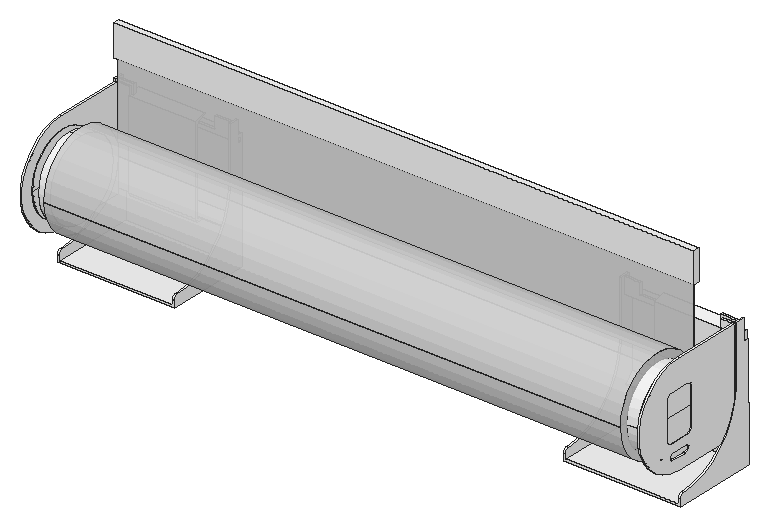
Revit family "Roller_Shades-Lutron-Contract_Roller_Motorized-02", category Specialty Equipment, host Face, Revit 2017
Family settings
  Host = Face
  Round Connector Dimension = Use Diameter
  Part Type = Normal
  OmniClass Number = 23.30.60.14.21
  OmniClass Title = Shades
  Cut with Voids When Loaded = No
  Shared = No
  Room Calculation Point = No
Parameters (values of type "Ceiling Mount")
  Warranty URL = "http://www.lutron.com/en-US/Service-Support/Pages/Service/Warranty/Warranty.aspx"
  Wall Mount = no
  Voltage = 35 V
  Video Link = "https://www.youtube.com/user/LutronElectronicsInc"
  Version = "2017 - v1.0a"  # constant formula
  URL = "http://www.lutron.com"
  Type Comments = ""
  Top to Center [instance] = if(and(Wall Mount, Fascia Top Back Cover), 0' 2 15/256" + 0' 0 3/32", if(and(Wall Mount, Fascia), 0' 2 15/256", if(and(Wall Mount, Pocket Mount Enclosure), 0' 2 3/4", if(Wall Mount, 0' 2 177/256", if(and(Ceiling Mount, Fascia Top Back Cover), 0' 2 3/32", if(and(Ceiling Mount, Fascia), 0' 2", if(and(Ceiling Mount, Pocket Mount Enclosure), 0' 2 3/4", if(Ceiling Mount, 0' 2 161/256", 0' 2 177/256"))))))))  # 0' - 2 161/256"
  Support Phone = "(224) 699-9545"  # constant formula
  Support Email = "mailto: support@anguleris.com"
  Side to Center [instance] = if(and(Ceiling Mount, Fascia Top Back Cover), 0' 2 15/256" + 0' 0 3/32", if(and(Ceiling Mount, Fascia), 0' 2 15/256", if(and(Ceiling Mount, Pocket Mount Enclosure), 0' 2 3/4", if(Ceiling Mount, 0' 2 177/256", if(and(Wall Mount, Fascia Top Back Cover), 0' 2 3/32", if(and(Wall Mount, Fascia), 0' 2 13/128", if(and(Wall Mount, Pocket Mount Enclosure), 0' 2 3/4", if(Wall Mount, 0' 1 39/64" + 0' 0 67/256", 0' 2 177/256"))))))))  # 0' - 2 177/256"
  Shade Width [instance] = 1' - 6"
  Shade Size Available [instance] = if(and(Shade Height > 20' 0", Shade Width > 12' 0"), "Shade Size Unavailable, Max Height 15', Max Width 10'", if(Shade Height > 15' 0", "Shade Size Unavailable, Max Height 15'", if(Shade Width > 10' 0", "Shade Size Unavailable, Max Width 10'", "Yes")))  # "Yes"
  Shade Material = Fabric - Lutron - Linen - White
  Shade Height [instance] = 0' - 5 1/2"
  Series = "Contract Roller Shades"
  Right Bracket Width [instance] = if(Right Bracket, 0' 0", 0' 0 3/8")  # 0' - 0"
  Right Bracket [instance] = yes
  Product Page URL = "http://www.lutron.com/en-US/Products/Pages/ShadingSystems/ContractRoller/Overview.aspx"
  Product Name = "Contract Roller - Motorized Shade"
  Product Documentation Link = "http://www.lutron.com/TechnicalDocumentLibrary/085370_Motorized_spec.pdf"
  Power Factor = 1
  Pocket Mount Enclosure = no
  Pocket Inset = if(Pocket Mount Enclosure, 0' 5 1/8", 0' 0")  # 0' - 0"
  Performance URL = "http://www.lutron.com/en-US/Service-Support/Pages/Technical/PerfomanceSpecs.aspx"
  Overall Width [instance] = if(and(Fascia, Shade Width < 1' 6 1/2"), 1' 6 1/2" + 0' 1 3/4", if(and(not(Fascia), Shade Width < 1' 6 1/2"), 1' 6 1/2" + 0' 1 1/2", if(and(Fascia, Shade Width > 12' 0"), 12' 0" + 0' 1 3/4", if(and(not(Fascia), Shade Width > 12' 0"), 12' 0" + 0' 1 1/2", Shade Width + Edge Width))))  # 1' - 8"
  Overall Height [instance] = if([3D Shade Height Visibility], Shade Height, 0' 6 1/2")  # 0' - 6 1/2"
  Overall Depth [instance] = if(Fascia Top Back Cover, 0' 4 13/128" + 0' 0 3/32", if(Fascia, 0' 4 13/128", if(Pocket Mount Enclosure, 0' 5", 0' 4 1/2")))  # 0' - 4 1/2"
  Number of Poles = 1
  Mounting = if(Pocket Mount Enclosure, "Pocket Mount", if(Wall Mount, "Wall Mount", if(Ceiling Mount, "Ceiling Mount", "Select Mounting Type")))  # "Ceiling Mount"
  Model = "Motorized Shade"
  Manufacturer Phone Number = "610-282-3800"  # constant formula
  Manufacturer Fax Number = "610-282-1243"  # constant formula
  Manufacturer Email = "mailto:support@lutron.com"
  Manufacturer Address = "7200 Suter Rd, Coopersburg, PA 18036"  # constant formula
  Manufacturer = "Lutron Electronics Co., Inc"  # constant formula
  Load Classification = Other
  Lineal Requirements [instance] = ""
  Light Gap = 0' - 0 3/4"  # constant formula
  Left Bracket Width [instance] = if(Left Bracket, 0' 0", 0' 0 3/8")  # 0' - 0"
  Left Bracket [instance] = yes
  Keynote = ""
  Instruction Sheet Link = "http://www.lutron.com/en-US/Service-Support/Pages/Technical/InstallationInstructions/InstallationInstructions.aspx?syst=Shading+Systems&prodn=Contract+Roller+Shades"
  Fixture Angle = if(Wall Mount, 90.00°, 0.00°)  # 0.00°
  Finish = Finish - Lutron - White
  Fascia Top Back Cover [instance] = no
  Fascia Note [instance] = "Fascia must be turned on to utilize Fascia Endcap and Fascia Top Back Cover Options"  # constant formula
  Fascia [instance] = no
  Fabric Roll Detail = ""
  Fabric Options [instance] = ""
  Fabric Collection [instance] = ""
  Fascia Endcap [instance] = no
  End Cap [instance] = if(Fascia Top Back Cover, 0' 4 25/128", if(Fascia, 0' 4 13/128", if(Pocket Mount Enclosure, 0' 5 1/8", 0' 4")))  # 0' - 4"
  Edge Width [instance] = if(Fascia, 0' 1 3/4", 0' 1 1/2")  # 0' - 1 1/2"
  Description = "Motorized Roller Shade"
  Default Elevation = 0' - 0"
  Cost Info = "mailto:sales@lutron.com"
  Cost = 0
  Copyright = "© 2019 Lutron Electronics Co., Inc."  # constant formula
  Control Technology [instance] = ""
  Ceiling Mount = yes
  C Fascia Top [instance] = if(and(Fascia, Fascia Top Back Cover), 1 = 1, 1 = 0)  # no
  C Fascia Endcap [instance] = if(and(Fascia, Fascia Endcap), 1 = 1, 1 = 0)  # no
  C Fascia [instance] = if(Pocket Mount Enclosure, 1 = 0, Fascia)  # no
  Bottom Bar [instance] = ""
  Assembly Code = "E2010320"
  Apparent Load = 35 VA
  Actual Shade Width [instance] = if(Shade Width > 12' 0", 12' 0", Shade Width)  # 1' - 6"
  Actual Shade Height [instance] = if(Shade Width > 20' 0", 20' 0", Shade Width)  # 1' - 6"
  3D Shade Height Visibility [instance] = no
Types (3): name | Wall Mount | Voltage | Top to Center | Side to Center | Pocket Mount Enclosure | Pocket Inset | Overall Depth | Mounting | Fixture Angle | End Cap | Ceiling Mount | Apparent Load
  Ceiling Mount | no | 35 V | 0' - 2 161/256" | 0' - 2 177/256" | no | 0' - 0" | 0' - 4 1/2" | "Ceiling Mount" | 0.00° | 0' - 4" | yes | 35 VA
  Wall Mount | yes | 0 V | 0' - 2 177/256" | 0' - 1 223/256" | no | 0' - 0" | 0' - 4 1/2" | "Wall Mount" | 90.00° | 0' - 4" | no | 0 VA
  Pocket Mount | no | 0 V | 0' - 2 3/4" | 0' - 2 3/4" | yes | 0' - 5 1/8" | 0' - 5" | "Pocket Mount" | 0.00° | 0' - 5 1/8" | yes | 0 VA
Reference planes (in)
  plane 1 "Center (Front/Back)": y = 0
  plane 2: z = 0
  plane 3 "Center (Left/Right)": x = 0
  plane 4: x = -10
  plane 5: x = 10
  plane 6: x = -9.25
  plane 7: x = 9.25
  plane 8: z = 2.62891
  plane 9: z = 0
  plane 10: y = 2.69141
  plane 11: y = -1.80859
  plane 12: x = -9.625
  plane 13: x = 9.625
  plane 14: x = -10.125
  plane 15: x = 10.125
  plane 16: z = 0
  plane 17 "Pocket": z = 0
  plane 18: z = 6.5
  plane 19: x = -10
  plane 20: x = 10
Forms (in)
  Extrusion 1, void
    sketch origin (0, 1.5, 2.62891) x (0, -1, 0) y (1, 0, 0)
      loop
        line (-1.19141, -10) -> (3.30859, -10) -> (3.30859, 10) -> (-1.19141, 10) -> (-1.19141, -10)
    from -2.62891 to 3.87109
Lines and regions (in)
  reference lines
    curve 1: line (0, 0, 2.62891) -> (0, 0, 12.87891)
    curve 2: line (0, 0, 2.62891) -> (0, -14, 2.62891)
Dimensions and locks (in)
  "Light Gap": plane 4 to plane 6
  "Light Gap": plane 7 to plane 5
  equal spacing: plane 4, plane 3 "Center (Left/Right)", plane 5
  "Overall Width": plane 4 to plane 5
  locked: plane 12 to plane 4 at 0.375
  locked: plane 13 to plane 5 at 0.375
  locked: plane 4 to plane 14 at 0.125
  locked: plane 5 to plane 15 at 0.125
  "Overall Depth": plane 10 to plane 11
  "Side to Center": plane 10 to plane 1 "Center (Front/Back)"
  locked: level to plane 16 at 0
  "Overall Height": plane 18 to plane 17 "Pocket"
  "Top to Center": plane 8 to plane 17 "Pocket"
  "Pocket Inset": level to plane 17 "Pocket"
  "Right Bracket Width": plane 4 to plane 19
  "Left Bracket Width": plane 20 to plane 5
  locked: curve 2 to curve 1 (angle 90.00°)
  "Fixture Angle": angle plane 8 to curve 2
  aligned and locked: plane 2 to host face
  aligned and locked: level to host face
  aligned and locked: nested 1 to curve 2
  aligned and locked: nested 1 to curve 1
  aligned and locked: plane 8 to curve 1
  aligned and locked: plane 3 "Center (Left/Right)" to nested 1
  aligned and locked: Extrusion 1 sketch curve to plane 10
  aligned and locked: Extrusion 1 sketch curve to plane 11
  aligned and locked: plane 18 to Extrusion 1
  aligned and locked: Extrusion 1 to plane 17 "Pocket"
  aligned and locked: plane 19 to Extrusion 1 sketch curve
  aligned and locked: plane 20 to Extrusion 1 sketch curve
Automatic sketch dimensions
  host sketch curve to host sketch curve = 8' - 0"
  host sketch curve to host sketch curve = 8' - 0.06319"
  curve 2 to plane 1 "Center (Front/Back)" = 0' - 0"
Nested families (in)
  nested 1: "Motorized Roller - Rotate" at (0, 0, 2.62891), Shade Width <- "Shade Width", Shade Height <- "Shade Height", Fascia Endcap <- "C Fascia Endcap", Fascia Top Back Cover <- "C Fascia Top", 3D Shade Height Visibility <- "3D Shade Height Visibility", Left Bracket <- "Left Bracket", Right Bracket <- "Right Bracket", type "None"
    with Top to Center 0' - 2 161/256", Sweep Length 1' - 6", Side to Center 0' - 2 177/256", Shade Width 1' - 6", Shade Size Available "Yes", Shade Height 0' - 5 1/2", Right Standard Bracket yes, Right Fascia Bracket no, Right Endcap no, Right Bracket Width 0' - 0", Right Bracket yes, Overall Width 1' - 8", Overall Height 0' - 6 1/2", Overall Depth 0' - 4 1/2", Lineal Requirements "", Left Standard Bracket yes, Left Fascia Bracket no, Left Endcap no, Left Bracket Width 0' - 0", Left Bracket yes, Fascia Top Back Cover no, Fascia Endcap no, Fabric Options "", Fabric Collection "", End Cap Mask 0' - 0 1/8", End Cap 0' - 4", Control Technology "", Bottom Bar "", Actual Shade Width 1' - 6", Actual Shade Height 0' - 5 1/2", 3D Shade Height Visibility no
Connectors (in)
  electrical at (9.9375, 0, 2.62891), driven by "Number of Poles", driven by "Load Classification", driven by "Voltage", driven by "Apparent Load", driven by "Power Factor"
    settings: on nested 1, index 1, voltage 35 V, apparent load 0 VA, apparent load phase1 35 VA, apparent load phase2 0 VA, apparent load phase3 0 VA, power factor 1, load classification "Other", number of poles 1, system type 31, power factor state 1, is connector primary yes, connector utility no, sub classification motor no, connector description "Power Connector"
Definition of nested family "Motorized Roller - Rotate"
  Parameters (values of type "Rotate")
    Warranty URL = ""
    Video Link = ""
    Version = "2017 - v1.0b"  # constant formula
    URL = "http://www.lutron.com"
    Type Comments = ""
    Top to Center [instance] = if(Fascia Top Back Cover, 0' 2 3/32", if(Fascia, 0' 2", if(Pocket Mount Enclosure, 0' 2 3/4", 0' 2 161/256")))  # 0' - 2 161/256"
    Sweep Length [instance] = 1' - 6"  # constant formula
    Support Phone = "(224) 699-9545"  # constant formula
    Support Email = "mailto: support@anguleris.com"
    Side to Center [instance] = if(Fascia Top Back Cover, 0' 2 15/256" + 0' 0 3/32", if(Fascia, 0' 2 15/256", if(Pocket Mount Enclosure, 0' 2 3/4", 0' 2 177/256")))  # 0' - 2 177/256"
    Shade Width [instance] = 1' - 0"
    Shade Size Available [instance] = if(and(Shade Height > 20' 0", Shade Width > 12' 0"), "Shade Size Unavailable, Max Height 15', Max Width 10'", if(Shade Height > 15' 0", "Shade Size Unavailable, Max Height 15'", if(Shade Width > 10' 0", "Shade Size Unavailable, Max Width 10'", "Yes")))  # "Yes"
    Shade Material = none
    Shade Height [instance] = 6' - 0"
    Series = ""
    Right Standard Bracket [instance] = if(and(Right Bracket, not(Fascia)), 1 = 1, 1 = 0)  # yes
    Right Fascia Bracket [instance] = if(and(Right Bracket, Fascia), 1 = 1, 1 = 0)  # no
    Right Endcap [instance] = if(and(Right Bracket, Fascia Endcap), 1 = 1, 1 = 0)  # no
    Right Bracket Width [instance] = if(Right Bracket, 0' 0", 0' 0 3/8")  # 0' - 0"
    Right Bracket [instance] = yes
    Product Page URL = ""
    Product Name = ""
    Product Documentation Link = ""
    Pocket Mount Enclosure = no
    Performance URL = ""
    Overall Width [instance] = if(and(Fascia, Shade Width < 1' 6 1/2"), 1' 6 1/2" + 0' 1 3/4", if(and(not(Fascia), Shade Width < 1' 6 1/2"), 1' 6 1/2" + 0' 1 1/2", if(and(Fascia, Shade Width > 10' 0"), 10' 0" + 0' 1 3/4", if(and(not(Fascia), Shade Width > 10' 0"), 10' 0" + 0' 1 1/2", Shade Width + Edge Width))))  # 1' - 8"
    Overall Height [instance] = if([3D Shade Height Visibility], Shade Height + 0' 2", 0' 6 1/2")  # 0' - 6 1/2"
    Overall Depth [instance] = if(Fascia Top Back Cover, 0' 4 13/128" + 0' 0 3/32", if(Fascia, 0' 4 13/128", if(Pocket Mount Enclosure, 0' 5", 0' 4 1/2")))  # 0' - 4 1/2"
    Not Pocket = not(Pocket Mount Enclosure)  # yes
    Mounting = "Ceiling"
    Model = ""
    Manufacturer Phone Number = "610-282-3800"  # constant formula
    Manufacturer Fax Number = "610-282-1243"  # constant formula
    Manufacturer Email = "mailto:support@lutron.com"
    Manufacturer Address = "7200 Suter Rd, Coopersburg, PA 18036"  # constant formula
    Manufacturer = "Lutron Electronics Co., Inc"  # constant formula
    Lineal Requirements [instance] = ""
    Light Gap = 0' - 0 3/4"  # constant formula
    Left Standard Bracket [instance] = if(and(Left Bracket, not(Fascia)), 1 = 1, 1 = 0)  # yes
    Left Fascia Bracket [instance] = if(and(Left Bracket, Fascia), 1 = 1, 1 = 0)  # no
    Left Endcap [instance] = if(and(Left Bracket, Fascia Endcap), 1 = 1, 1 = 0)  # no
    Left Bracket Width [instance] = if(Left Bracket, 0' 0", 0' 0 3/8")  # 0' - 0"
    Left Bracket [instance] = yes
    Keynote = ""
    Instruction Sheet Link = ""
    Finish = none
    Fascia Top Back Cover [instance] = no
    Fascia = no
    Fabric Roll Detail = "Standard"
    Fabric Options [instance] = ""
    Fabric Collection [instance] = ""
    Fascia Endcap [instance] = no
    End Cap Mask [instance] = if(Fascia Endcap, 0' 0", 0' 0 1/8")  # 0' - 0 1/8"
    End Cap [instance] = if(Fascia Top Back Cover, 0' 4 25/128", if(Fascia, 0' 4 13/128", if(Pocket Mount Enclosure, 0' 5 1/8", 0' 4")))  # 0' - 4"
    Edge Width = if(Fascia, 0' 1 3/4", 0' 1 1/2")  # 0' - 1 1/2"
    Description = ""
    Default Elevation = 0' - 0"
    Cost Info = "mailto:sales@lutron.com"
    Cost = 0
    Copyright = "© 2019 Lutron Electronics Co., Inc."  # constant formula
    Control Technology [instance] = ""
    Bracket Center = if(Fascia, 0' 1 193/256", 0' 1 225/256")  # 0' - 1 225/256"
    Bottom Bar [instance] = ""
    Assembly Code = "E2010320"
    Actual Shade Width [instance] = if(Shade Width > 12' 0", 12' 0", Shade Width)  # 1' - 0"
    Actual Shade Height [instance] = if(Shade Height > 20' 0", 20' 0", Shade Height)  # 6' - 0"
    3D Shade Height Visibility [instance] = no
  Reference planes (in)
    plane 1 "Center (Front/Back)": y = 0
    plane 2: z = 0
    plane 3 "Center (Left/Right)": x = 0
    plane 4: x = -10
    plane 5: x = 10
    plane 6: x = -9.25
    plane 7: x = 9.25
    plane 8: z = 0
    plane 9: z = 2.88509
    plane 10: z = 3.87109
    plane 11: y = 1.5
    plane 12: z = 0
    plane 13: y = 2.69141
    plane 14: y = -1.80859
    plane 15: x = -9.625
    plane 16: x = 9.625
    plane 17: x = -10.125
    plane 18: x = 10.125
    plane 19: z = 1.37109
    plane 20: z = 0
    plane 21 "Top": z = -2.62891
    plane 22: y = 1.4375
    plane 23: x = -8.12109
    plane 24: x = 8.12109
    plane 25: x = 10
    plane 26: x = -10
  Forms (in)
    Extrusion 1, solid
      sketch origin (0, 0, 0) x (1, 0, 0) y (0, 1, 0)
        loop
          line (-48, 48) -> (-48, -48.06319) -> (48, -48.06319) -> (48, 48) -> (-48, 48)
      from 0 to -5.50196
    Extrusion 2, solid, material <- "Shade Material"
      sketch origin (0, 0, 3.25) x (0, 1, 0) y (0, 0, 1)
        loop
          circle (0, -3.25) r 1.5
      from -9.25 to 9.25
    Extrusion 3, solid, material <- "Finish"
      sketch origin (0, -1.764, 5.014) x (0, 0, -1) y (0, -1, 0)
        loop
          circle (5.014, -1.764) r 1.25
      from 9.25 to 9.625
    Extrusion 4, solid, material <- "Finish"
      sketch origin (0, 0, 3.25) x (0, 1, 0) y (0, 0, 1)
        loop
          circle (0, -3.25) r 1.25
      from 9.25 to 9.625
    Extrusion 5, solid, material <- "Shade Material"
      sketch origin (0, 1.4375, 5.014) x (1, 0, 0) y (0, 0, -1)
        loop
          line (-9.25, 5.014) -> (-9.25, 2.12891) -> (9.25, 2.12891) -> (9.25, 5.014) -> (-9.25, 5.014)
      from 0 to 0.0625
    Extrusion 6, solid, material <- "Finish", detail levels medium+fine
      sketch origin (0, -1.764, 5.014) x (0, 0, -1) y (0, 1, 0)
        loop
          line (2.12891, 3.3265) -> (1.14291, 3.3265) -> (1.14291, 3.139) -> (2.12891, 3.139) -> (2.12891, 3.3265)
      from -9.3125 to 9.3125
    Sweep 7, solid, material <- "Finish", visible <- "Fascia", detail levels medium+fine
      path origin (0, 0, 3.25) x (1, 0, 0) y (0, 0, 1)
        loop
          line (-10, -3.25) -> (10, -3.25)
      profile "Single Fascia Profile : Single Fascia Profile" origin (0, 0, 0) x (0, 0, 1) y (0, -1, 0)
        loop
          line (-2, 1.94625) -> (2.008, 1.94625) -> (2.008, -0.36) -> (2.1, -0.36) -> (2.1, 2.04) -> (-2, 2.04) -> (-2, 1.94625)
    Sweep 8, solid, material <- "Finish", visible <- "Pocket Mount Enclosure", detail levels medium+fine
      path origin (0, 0, 3.25) x (1, 0, 0) y (0, 0, 1)
        loop
          line (-10, -3.25) -> (10, -3.25)
      profile "Single Pocket Profile : Single Pocket Profile" origin (0, 0, 0) x (0, 0, 1) y (0, -1, 0)
        loop
          line (2.3175, 1.70716) -> (2.3175, 0.15625) -> (2.38, 0.15625) -> (2.38, 2.125) -> (2.3175, 2.125) -> (2.3175, 1.76966) -> (1.5075, 1.76966) -> (1.5075, 1.89466) -> (1.67783, 1.89466) -> (1.67783, 1.95716) -> (1.445, 1.95716) -> (1.445, 1.70716) -> (2.3175, 1.70716)
        loop
          line (2.38, -2.75) -> (2.38, -2.69) -> (-2.63, -2.69) -> (-2.63, 2.15625) -> (1.70908, 2.15625) -> (1.70908, 1.86341) -> (1.53875, 1.86341) -> (1.53875, 1.80091) -> (1.77158, 1.80091) -> (1.77158, 2.15625) -> (2.38, 2.15625) -> (2.38, 2.25) -> (-2.75, 2.25) -> (-2.75, -2.75) -> (2.38, -2.75)
    Sweep 9, solid, material <- "Finish", visible <- "Fascia Top Back Cover", detail levels medium+fine
      path origin (0, 1.5, 0) x (0, -1, 0) y (1, 0, 0)
        loop
          line (1.5, -10) -> (1.5, 10)
      profile "Single Top Back Fascia Profile : Single Top Back Fascia Profile" origin (0, 0, 0) x (0, 1, 0) y (0, 0, 1)
        loop
          line (-1.94531, -2) -> (-1.94531, -2.09375) -> (2.15375, -2.09375) -> (2.15375, 2.1) -> (2.06, 2.1) -> (2.06, -2) -> (-1.94531, -2)
    Extrusion 10, solid, material <- "Finish", visible <- "Right Endcap", detail levels medium+fine
      sketch origin (0, 1.5, 0) x (0, -1, 0) y (1, 0, 0)
        loop
          line (-1.19141, -10.125) -> (3.30859, -10.125) -> (3.30859, -10) -> (-1.19141, -10) -> (-1.19141, -10.125)
      from -2.62891 to 1.37109
    Extrusion 11, solid, material <- "Finish", visible <- "Left Endcap", detail levels medium+fine
      sketch origin (0, 1.5, 0) x (0, -1, 0) y (1, 0, 0)
        loop
          line (-1.19141, 10.125) -> (-1.19141, 10) -> (3.30859, 10) -> (3.30859, 10.125) -> (-1.19141, 10.125)
      from -2.62891 to 1.37109
  Cuts and joins
    joined: Extrusion 2, Extrusion 5
  Dimensions and locks (in)
    "Light Gap": plane 4 to plane 6
    "Light Gap": plane 7 to plane 5
    locked: plane 1 "Center (Front/Back)" to Extrusion 2 sketch curve at 0
    locked: plane 8 to Extrusion 2 sketch curve at 0
    locked: plane 11 to Extrusion 6 sketch curve at 0.0625
    locked: Extrusion 6 sketch curve to plane 11 at 0.125
    equal spacing: plane 4, plane 3 "Center (Left/Right)", plane 5
    "Overall Width": plane 4 to plane 5
    locked: plane 15 to plane 4 at 0.375
    locked: plane 16 to plane 5 at 0.375
    locked: plane 4 to plane 17 at 0.125
    locked: plane 5 to plane 18 at 0.125
    "Overall Depth": plane 13 to plane 14
    "Side to Center": plane 13 to plane 1 "Center (Front/Back)"
    locked: level to plane 20 at 0
    locked: plane 10 to plane 9 at 0.986
    "Top to Center": plane 20 to plane 21 "Top"
    "End Cap": plane 19 to plane 21 "Top"
    "Overall Height": plane 10 to plane 21 "Top"
    locked: plane 11 to plane 22 at 0.0625
    locked: plane 7 to Extrusion 6 at 0.0625
    locked: plane 6 to Extrusion 6 at 0.0625
    "Bracket Center": plane 4 to plane 23
    "Bracket Center": plane 24 to plane 5
    "Left Bracket Width": plane 25 to plane 5
    "Right Bracket Width": plane 4 to plane 26
    radius of Extrusion 2 sketch curve = 0' - 1 1/2"
    aligned and locked: plane 2 to Extrusion 1
    aligned and locked: level to Extrusion 1
    aligned and locked: Extrusion 2 to plane 6
    aligned and locked: Extrusion 2 to plane 7
    aligned and locked: plane 6 to Extrusion 3
    aligned and locked: plane 11 to Extrusion 5
    aligned and locked: Extrusion 5 sketch curve to plane 6
    aligned and locked: Extrusion 5 sketch curve to plane 8
    aligned and locked: plane 9 to Extrusion 5 sketch curve
    aligned and locked: Extrusion 5 sketch curve to plane 7
    aligned and locked: plane 10 to Extrusion 6
    aligned and locked: Extrusion 6 to plane 9
    aligned and locked: plane 7 to Extrusion 4
    aligned and locked: Extrusion 3 to plane 15
    aligned and locked: Extrusion 4 to plane 16
    aligned and locked: plane 8 to Extrusion 4 sketch curve
    aligned and locked: plane 1 "Center (Front/Back)" to Extrusion 4 sketch curve
    aligned and locked: plane 8 to Extrusion 3 sketch curve
    aligned and locked: plane 1 "Center (Front/Back)" to Extrusion 3 sketch curve
    aligned and locked: Sweep 7 sketch curve to plane 8
    aligned and locked: Sweep 8 sketch curve to plane 8
    aligned and locked: plane 1 "Center (Front/Back)" to Sweep 9 sketch curve
    aligned and locked: cut or joined group of Extrusion 2, Extrusion 5 to plane 22
    aligned and locked: plane 11 to cut or joined group of Extrusion 2, Extrusion 5
    aligned and locked: Extrusion 6 sketch curve to plane 10
    aligned and locked: plane 9 to Extrusion 6 sketch curve
    aligned and locked: nested 7 to plane 1 "Center (Front/Back)"
    aligned and locked: plane 15 to nested 7
    aligned and locked: plane 4 to nested 6
    aligned and locked: plane 1 "Center (Front/Back)" to nested 8
    aligned and locked: nested 8 to plane 16
    aligned and locked: plane 5 to nested 5
    aligned and locked: nested 6 to plane 1 "Center (Front/Back)"
    aligned and locked: plane 1 "Center (Front/Back)" to nested 5
    aligned and locked: plane 1 "Center (Front/Back)" to nested 1
    aligned and locked: nested 3 to plane 1 "Center (Front/Back)"
    aligned and locked: nested 1 to plane 4
    aligned and locked: plane 5 to nested 3
    aligned and locked: plane 15 to nested 2
    aligned and locked: nested 4 to plane 16
    aligned and locked: nested 6 to plane 4
    aligned and locked: nested 5 to plane 5
    aligned and locked: plane 25 to Sweep 8 sketch curve
    aligned and locked: plane 25 to Sweep 7 sketch curve
    aligned and locked: plane 25 to Sweep 9 sketch curve
    aligned and locked: plane 26 to Sweep 8 sketch curve
    aligned and locked: plane 26 to Sweep 7 sketch curve
    aligned and locked: plane 26 to Sweep 9 sketch curve
    aligned and locked: Extrusion 10 sketch curve to plane 26
    aligned and locked: plane 17 to Extrusion 10 sketch curve
    aligned and locked: Extrusion 10 sketch curve to plane 14
    aligned and locked: Extrusion 10 sketch curve to plane 13
    aligned and locked: Extrusion 10 to plane 21 "Top"
    aligned and locked: plane 19 to Extrusion 10
    aligned and locked: Extrusion 11 sketch curve to plane 18
    aligned and locked: plane 14 to Extrusion 11 sketch curve
    aligned and locked: plane 25 to Extrusion 11 sketch curve
    aligned and locked: plane 13 to Extrusion 11 sketch curve
    aligned and locked: Extrusion 11 to plane 21 "Top"
    aligned and locked: plane 19 to Extrusion 11
  Automatic sketch dimensions
    Extrusion 1 sketch curve to Extrusion 1 sketch curve = 8' - 0"
    Extrusion 1 sketch curve to Extrusion 1 sketch curve = 8' - 0.06319"
    radius of Extrusion 3 sketch curve = 0' - 1 1/4"
    radius of Extrusion 4 sketch curve = 0' - 1 1/4"
  Nested families (in)
    nested 1: "Clutch Bracket" at (-8.1225, 0, 0), visible <- "Right Standard Bracket", type "Clutch Bracket"
    nested 2: "Roller Bracket" at (-8.3725, 2.6275, 0) x (-1, 0, 0) z (0, -1, 0), visible <- "Right Standard Bracket", type "Roller Bracket"
    nested 3: "Clutch Bracket" at (8.1225, 0, 0) x (-1, 0, 0) z (0, 0, 1), visible <- "Left Standard Bracket", type "Clutch Bracket"
    nested 4: "Roller Bracket" at (8.3725, 2.6275, 0) x (1, 0, 0) z (0, -1, 0), visible <- "Left Standard Bracket", type "Roller Bracket"
    nested 5: "Fascia Clutch Bracket" at (8.2475, 0, 0), visible <- "Left Fascia Bracket", type "Fascia Clutch Bracket"
    nested 6: "Fascia Clutch Bracket" at (-8.2475, 0, 0) x (-1, 0, 0) z (0, 0, 1), visible <- "Right Fascia Bracket", type "Fascia Clutch Bracket"
    nested 7: "Fascia Roller Bracket" at (-9.9375, 0, -1.9375) x (-1, 0, 0) z (0, 0, 1), visible <- "Right Fascia Bracket", type "Fascia Roller Bracket"
    nested 8: "Fascia Roller Bracket" at (9.9375, 0, -1.9375), visible <- "Left Fascia Bracket", type "Fascia Roller Bracket"
  Definition of nested family "Clutch Bracket"
    Parameters (values of type "Clutch Bracket")
      Not Pocket = yes
      Finish = none
      Default Elevation = 4' - 0"
    Reference planes (in)
      plane 1 "Center (Front/Back)": y = 0
      plane 2: z = 0
      plane 3 "Center (Left/Right)": x = 0
      plane 4: x = -1.8775
      plane 5: x = 1.8775
      plane 6: x = 1.815
      plane 7: x = -1.815
      plane 8: x = 1.1275
      plane 9: x = 1.5025
      plane 10: x = 1.565
    Forms (in)
      Extrusion 1, solid
        sketch origin (0, 0, 0) x (1, 0, 0) y (0, 1, 0)
          loop
            line (-48, 48) -> (-48, -48) -> (48, -48) -> (48, 48) -> (-48, 48)
        from 0 to -12
      Extrusion 2, solid, material <- "Finish", detail levels medium+fine
        sketch origin (0, 2.69, 0) x (0, 0, -1) y (0, 1, 0)
          loop
            line (-0.98754, 0) -> (-0.98754, -0.1807) -> (-1.67, -0.1807) -> (-1.67, -0.46148) -> (0.24002, -0.46148)
            arc (0.24002, -0.46148) -> (1.67966, -1.12394) -> (2.28933, -2.58672) r 2.17822
            arc (2.28933, -2.58672) -> (2.33139, -2.67871) -> (2.4253, -2.71629) r 0.13613
            line (2.4253, -2.71629) -> (2.63, -2.71629) -> (2.63, 0) -> (-0.98754, 0)
        from 1.815 to 1.8775
      Extrusion 3, solid, material <- "Finish", detail levels medium+fine
        sketch origin (0, 2.69, 0) x (0, 0, -1) y (0, 1, 0)
          loop
            line (2.63, -2.71629) -> (2.63, 0) -> (-1.22679, 0) -> (-1.22679, -0.31812) -> (-1.67, -0.31812) -> (-1.67, -0.38062) -> (-1.16429, -0.38062) -> (-1.16429, -0.0625) -> (1.17085, -0.0625) -> (1.46693, -0.31988) -> (1.51123, -0.27558) -> (1.26612, -0.0625) -> (2.5675, -0.0625) -> (2.5675, -2.71629) -> (2.63, -2.71629)
        from -1.815 to 1.8775
      Extrusion 4, solid, material <- "Finish", detail levels medium+fine
        sketch origin (0, 2.69, 0) x (0, 0, -1) y (0, 1, 0)
          loop
            line (-0.98754, 0) -> (-0.98754, -0.1807) -> (-1.67, -0.1807) -> (-1.67, -0.46148) -> (0.24002, -0.46148)
            arc (0.24002, -0.46148) -> (1.67966, -1.12394) -> (2.28933, -2.58672) r 2.17822
            arc (2.28933, -2.58672) -> (2.33139, -2.67871) -> (2.4253, -2.71629) r 0.13613
            line (2.4253, -2.71629) -> (2.63, -2.71629) -> (2.63, 0) -> (-0.98754, 0)
        from -1.8775 to -1.815
      Extrusion 5, void
        sketch origin (0, 2.69, 0) x (1, 0, 0) y (0, 0, -1)
          loop
            line (-1.30082, -1.30922) -> (-1.30082, -1.67) -> (1.30082, -1.67) -> (1.30082, -1.30922) -> (-1.30082, -1.30922)
        from -4.18561 to 12
    Cuts and joins
      Extrusion 5 cuts Extrusion 3
      joined: Extrusion 2, Extrusion 3, Extrusion 4
    Lines and regions (in)
      symbolic lines, detail levels fine
        curve 1: line (1.25, 0, 0.3125) -> (1.25, 0, 0.375)
    Dimensions and locks (in)
      locked: plane 4 to plane 5 at 3.755
      locked: plane 4 to plane 7 at 0.0625
      locked: plane 6 to plane 5 at 0.0625
      equal spacing: plane 4, plane 3 "Center (Left/Right)", plane 5
      locked: plane 8 to plane 5 at 0.75
      locked: plane 8 to plane 9 at 0.375
      locked: plane 9 to plane 10 at 0.0625
      aligned and locked: plane 2 to Extrusion 1
      aligned and locked: level to Extrusion 1
      aligned and locked: plane 7 to cut or joined group of Extrusion 2, Extrusion 3, Extrusion 4, Extrusion 5
      aligned and locked: Extrusion 4 to plane 4
      aligned and locked: Extrusion 4 to plane 7
      aligned and locked: Extrusion 3 to plane 5
      aligned and locked: plane 6 to cut or joined group of Extrusion 2, Extrusion 3, Extrusion 4, Extrusion 5
      aligned and locked: cut or joined group of Extrusion 2, Extrusion 3, Extrusion 4, Extrusion 5 to plane 5
    Automatic sketch dimensions
      Extrusion 1 sketch curve to Extrusion 1 sketch curve = 8' - 0"  (x2)
      curve 1 to plane 8 = 0' - 0.1225"
      level to curve 1 = 0' - 0 5/16"
      curve 1 to curve 1 = 0' - 0 1/16"
      level to Extrusion 3 sketch curve = 0' - 1.67"
      Extrusion 3 sketch curve to Extrusion 3 sketch curve = 0' - 0.44321"
      Extrusion 3 sketch curve to Extrusion 3 sketch curve = 0' - 0 1/16"  (x4)
      Extrusion 3 sketch curve to Extrusion 3 sketch curve = 0' - 2.33514"
      Extrusion 3 sketch curve to Extrusion 3 sketch curve = 0' - 0.09527"
      Extrusion 3 sketch curve to Extrusion 3 sketch curve = 0' - 0.20081"
      Extrusion 3 sketch curve to Extrusion 3 sketch curve = 0' - 0.0443"  (x2)
      Extrusion 3 sketch curve to Extrusion 3 sketch curve = 0' - 1.05627"
      level to Extrusion 4 sketch curve = 0' - 1.67"
      Extrusion 4 sketch curve to Extrusion 4 sketch curve = 0' - 0.68246"
      Extrusion 4 sketch curve to Extrusion 4 sketch curve = 0' - 1.0992"
      Extrusion 4 sketch curve to Extrusion 4 sketch curve = 0' - 1.22755"
      Extrusion 4 sketch curve to level = 0' - 2.4253"
      Extrusion 4 sketch curve to Extrusion 4 sketch curve = 0' - 0.2047"
      Extrusion 4 sketch curve to Extrusion 4 sketch curve = 0' - 0.13613"
      Extrusion 4 sketch curve to Extrusion 4 sketch curve = 0' - 0.1807"
      plane 1 "Center (Front/Back)" to Extrusion 3 sketch curve = 0' - 0.02629"
      Extrusion 4 sketch curve to plane 1 "Center (Front/Back)" = 0' - 0.10984"
      Extrusion 4 sketch curve to plane 1 "Center (Front/Back)" = 0' - 0.05409"
      Extrusion 3 sketch curve to Extrusion 3 sketch curve = 0' - 0.31812"
      Extrusion 3 sketch curve to Extrusion 3 sketch curve = 0' - 0.25738"  (x2)
      Extrusion 4 sketch curve to Extrusion 4 sketch curve = 0' - 0.28078"
      Extrusion 3 sketch curve to plane 1 "Center (Front/Back)" = 0' - 2.30938"
      Extrusion 4 sketch curve to plane 1 "Center (Front/Back)" = 0' - 2.22852"
      Extrusion 2 sketch curve to level = 0' - 2.63"
      Extrusion 2 sketch curve to Extrusion 2 sketch curve = 0' - 0.2047"
      Extrusion 2 sketch curve to plane 1 "Center (Front/Back)" = 0' - 2.22852"
      Extrusion 2 sketch curve to level = 0' - 0.24002"
      Extrusion 2 sketch curve to Extrusion 2 sketch curve = 0' - 0.12835"
      Extrusion 2 sketch curve to Extrusion 2 sketch curve = 0' - 1.22755"
      Extrusion 2 sketch curve to Extrusion 2 sketch curve = 0' - 0.68246"
      Extrusion 2 sketch curve to plane 1 "Center (Front/Back)" = 0' - 0.10984"
      Extrusion 2 sketch curve to plane 1 "Center (Front/Back)" = 0' - 0.05409"
      Extrusion 2 sketch curve to Extrusion 2 sketch curve = 0' - 0.13613"
      Extrusion 2 sketch curve to Extrusion 2 sketch curve = 0' - 0.28078"
      Extrusion 2 sketch curve to plane 1 "Center (Front/Back)" = 0' - 2.69"
      Extrusion 5 sketch curve to plane 7 = 0' - 0.51418"
      Extrusion 5 sketch curve to plane 8 = 0' - 0.17332"
      level to Extrusion 5 sketch curve = 0' - 1.67"
      Extrusion 5 sketch curve to Extrusion 5 sketch curve = 0' - 0.36078"
  Definition of nested family "Roller Bracket"
    Parameters (values of type "Roller Bracket")
      Not Pocket = yes
      Finish = none
      Default Elevation = 4' - 0"
    Reference planes (in)
      plane 1 "Center (Front/Back)": y = 0
      plane 2: z = 0
      plane 3 "Center (Left/Right)": x = 0
      plane 4: x = -1.8775
      plane 5: x = 1.8775
      plane 6: x = 1.815
      plane 7: x = -1.815
      plane 8: x = 1.2525
      plane 9: x = 1.5025
      plane 10: x = 1.565
      plane 11: z = 2.6275
    Forms (in)
      Extrusion 1, solid
        sketch origin (0, 0, 0) x (1, 0, 0) y (0, 1, 0)
          loop
            line (-48, 48) -> (-48, -48) -> (48, -48) -> (48, 48) -> (-48, 48)
        from 0 to -12
      Extrusion 2, solid, material <- "Finish", detail levels medium+fine
        sketch origin (0, 0, -0.0625) x (0, 1, 0) y (0, 0, 1)
          loop
            line (1.33504, 0.12241) -> (1.37604, 0.07524) -> (1.56064, 0.23572)
            arc (1.56064, 0.23572) -> (1.56509, 0.38408) -> (1.44032, 0.46446) r 0.15088
            line (1.44032, 0.46446) -> (-1.33752, 0.46446) -> (-1.44977, 0.09731) -> (-1.39, 0.07904) -> (-1.3169, 0.31812)
            arc (-1.3169, 0.31812) -> (-1.2822, 0.37822) -> (-1.21698, 0.40196) r 0.10147
            line (-1.21698, 0.40196) -> (1.43826, 0.40196)
            arc (1.43826, 0.40196) -> (1.5081, 0.35803) -> (1.51123, 0.27558) r 0.08838
            line (1.51123, 0.27558) -> (1.33504, 0.12241)
        from -1 to 1.1275
      Extrusion 3, solid, material <- "Finish", detail levels medium+fine
        sketch origin (0, 0, -0.0625) x (0, 1, 0) y (0, 0, 1)
          loop
            line (-1.60894, 0.46148) -> (-1.60894, 0.40196) -> (1.43394, 0.40196) -> (1.43394, 0.46148) -> (-1.60894, 0.46148)
        from 1.1275 to 1.565
      Extrusion 4, solid, material <- "Finish", detail levels medium+fine
        sketch origin (0, 0, -0.0625) x (0, 1, 0) y (0, 0, 1)
          loop
            line (-1.60894, 2.69) -> (-1.60894, 0.46148) -> (1.60894, 0.46148) -> (1.60894, 2.69)
            arc (1.60894, 2.69) -> (0, 4.29894) -> (-1.60894, 2.69) r 1.60894
          loop
            arc (-0.56112, 3.19) -> (-0.69468, 3.13468) -> (-0.75, 3.00112) r 0.18888
            line (-0.75, 3.00112) -> (-0.75, 2.37888)
            arc (-0.75, 2.37888) -> (-0.69468, 2.24532) -> (-0.56112, 2.19) r 0.18888
            line (-0.56112, 2.19) -> (0.56112, 2.19)
            arc (0.56112, 2.19) -> (0.69468, 2.24532) -> (0.75, 2.37888) r 0.18888
            line (0.75, 2.37888) -> (0.75, 3.00112)
            arc (0.75, 3.00112) -> (0.69468, 3.13468) -> (0.56112, 3.19) r 0.18888
            line (0.56112, 3.19) -> (-0.56112, 3.19)
          loop
            arc (1.24892, 2.94) -> (1.12392, 3.065) -> (0.99892, 2.94) r 0.125
            line (0.99892, 2.94) -> (0.99892, 2.44)
            arc (0.99892, 2.44) -> (1.12392, 2.315) -> (1.24892, 2.44) r 0.125
            line (1.24892, 2.44) -> (1.24892, 2.94)
        from 1.565 to 1.5025
      Revolve 5, solid, material <- "Finish", detail levels medium+fine
        sketch origin (0, 0, 0) x (1, 0, 0) y (0, 0, 1)
          loop
            line (1.5025, 3.8775) -> (1.44, 3.8775) -> (1.44, 3.0025) -> (1.2525, 3.0025) -> (1.2525, 2.6275) -> (1.5025, 2.6275) -> (1.5025, 3.8775)
          axis (1.5025, 2.6275) -> (1.2525, 2.6275)
        angle from 0 to 360
    Lines and regions (in)
      symbolic lines, visible <- "Not Pocket", detail levels medium+fine
        curve 1: line (1.1275, 0, 0.33946) -> (-1, 0, 0.33946)
    Dimensions and locks (in)
      locked: plane 4 to plane 5 at 3.755
      locked: plane 4 to plane 7 at 0.0625
      locked: plane 6 to plane 5 at 0.0625
      equal spacing: plane 4, plane 3 "Center (Left/Right)", plane 5
      aligned and locked: plane 2 to Extrusion 1
      aligned and locked: level to Extrusion 1
      aligned and locked: Extrusion 2 to Extrusion 3
      aligned and locked: Revolve 5 sketch curve to Extrusion 4
      aligned and locked: plane 11 to Revolve 5 sketch curve
      aligned and locked: plane 8 to Revolve 5 sketch curve
    Automatic sketch dimensions
      Extrusion 1 sketch curve to Extrusion 1 sketch curve = 8' - 0"  (x2)
      Extrusion 2 sketch curve to Extrusion 2 sketch curve = 0' - 0"  (x2)
      Extrusion 2 sketch curve to level = 0' - 0.03481"
      Extrusion 2 sketch curve to plane 1 "Center (Front/Back)" = 0' - 1.44977"
      Extrusion 2 sketch curve to level = 0' - 0.01654"
      Extrusion 2 sketch curve to Extrusion 2 sketch curve = 0' - 0.05977"
      Extrusion 2 sketch curve to level = 0' - 0.40196"
      Extrusion 2 sketch curve to level = 0' - 0.25562"
      Extrusion 2 sketch curve to Extrusion 2 sketch curve = 0' - 0.09993"
      Extrusion 2 sketch curve to level = 0' - 0.05991"
      plane 1 "Center (Front/Back)" to Extrusion 2 sketch curve = 0' - 1.33504"
      Extrusion 2 sketch curve to level = 0' - 0.01274"
      Extrusion 2 sketch curve to Extrusion 2 sketch curve = 0' - 0.041"
      Extrusion 2 sketch curve to Extrusion 2 sketch curve = 0' - 0.09652"
      Extrusion 2 sketch curve to Extrusion 2 sketch curve = 0' - 0.0067"
      Extrusion 2 sketch curve to Extrusion 2 sketch curve = 0' - 0.00206"
      Extrusion 2 sketch curve to level = 0' - 0.21308"
      Extrusion 2 sketch curve to level = 0' - 0.17322"
      Extrusion 3 sketch curve to level = 0' - 0.33946"
      Extrusion 3 sketch curve to plane 1 "Center (Front/Back)" = 0' - 1.60894"
      plane 1 "Center (Front/Back)" to Extrusion 3 sketch curve = 0' - 1.43394"
      Extrusion 3 sketch curve to Extrusion 3 sketch curve = 0' - 0.05951"
      Extrusion 4 sketch curve to plane 1 "Center (Front/Back)" = 0' - 0"
      Extrusion 4 sketch curve to plane 1 "Center (Front/Back)" = 0' - 0.56112"  (x2)
      Extrusion 4 sketch curve to Extrusion 4 sketch curve = 0' - 0.18888"  (x2)
      Extrusion 4 sketch curve to level = 0' - 0.39898"
      Extrusion 4 sketch curve to plane 1 "Center (Front/Back)" = 0' - 1.60894"
      plane 1 "Center (Front/Back)" to Extrusion 4 sketch curve = 0' - 0.56112"  (x2)
      Extrusion 4 sketch curve to Extrusion 4 sketch curve = 0' - 0.24892"
      Extrusion 4 sketch curve to Extrusion 4 sketch curve = 0' - 0 1/8"
      Extrusion 4 sketch curve to Extrusion 4 sketch curve = 0' - 1.72852"
      Extrusion 4 sketch curve to Extrusion 4 sketch curve = 0' - 0.06112"  (x2)
      Extrusion 4 sketch curve to Extrusion 4 sketch curve = 0' - 0.31112"
      Extrusion 4 sketch curve to Extrusion 4 sketch curve = 0' - 0 1/2"
      Extrusion 4 sketch curve to Extrusion 4 sketch curve = 0' - 0"
      plane 8 to Revolve 5 sketch curve = 0' - 0"
      plane 9 to Revolve 5 sketch curve = 0' - 0"
      Revolve 5 sketch curve to plane 11 = 0' - 0"
      plane 9 to Revolve 5 sketch curve = 0' - 0 1/16"
      plane 11 to Revolve 5 sketch curve = 0' - 0 3/8"
      Revolve 5 sketch curve to Revolve 5 sketch curve = 0' - 0 7/8"
      plane 8 to curve 1 = 0' - 0 1/8"
      level to curve 1 = 0' - 0.33946"
      curve 1 to plane 7 = 0' - 0.815"
  Definition of nested family "Fascia Clutch Bracket"
    Parameters (values of type "Fascia Clutch Bracket")
      Finish = none
      Default Elevation = 4' - 0"
    Reference planes (in)
      plane 1 "Center (Front/Back)": y = 0
      plane 2: z = 0
      plane 3 "Center (Left/Right)": x = 0
      plane 4: x = -1.7525
      plane 5: x = 1.7525
      plane 6: x = 1.69
      plane 7: x = -1.69
      plane 8: y = 2.05312
      plane 9: y = -2.05313
    Forms (in)
      Extrusion 1, solid
        sketch origin (0, 0, 0) x (1, 0, 0) y (0, 1, 0)
          loop
            line (-48, 48) -> (-48, -48) -> (48, -48) -> (48, 48) -> (-48, 48)
        from 0 to -12
      Extrusion 2, solid, material <- "Finish", detail levels medium+fine
        sketch origin (0, 1.35815, 0.63) x (0, 0, -1) y (0, 1, 0)
          loop
            line (2.5675, -0.15053) -> (2.4425, -0.23806) -> (2.4425, -0.59333) -> (2.505, -0.59333) -> (2.505, -0.27059) -> (2.5675, -0.22683) -> (2.5675, -2.24534) -> (2.36002, -2.4257) -> (2.36002, -2.54462) -> (2.50925, -2.71629) -> (2.55355, -2.67199) -> (2.42252, -2.52125) -> (2.42252, -2.45418) -> (2.63, -2.27382) -> (2.63, 0.21226) -> (2.31453, 0.52773) -> (2.27034, 0.48353) -> (2.5675, 0.18637) -> (2.5675, -0.15053)
          loop
            line (2.27986, 0.69498) -> (-1.22679, 0.69498) -> (-1.22679, 0.63248) -> (2.25397, 0.63248) -> (2.58581, 0.30065) -> (2.63, 0.34484) -> (2.27986, 0.69498)
        from -1.69 to 1.7525
      Extrusion 3, void
        sketch origin (0, 1.35815, 0.63) x (1, 0, 0) y (0, 0, -1)
          loop
            line (-1.7525, 1.17792) -> (-1.7525, -1.37) -> (0.875, -1.37) -> (0.875, 1.17792) -> (-1.7525, 1.17792)
        from -4.18561 to 12
      Extrusion 4, solid, material <- "Finish", detail levels medium+fine
        sketch origin (0, 0, -2) x (0, 1, 0) y (0, 0, 1)
          loop
            line (-1.961, 3.1545) -> (-1.961, 0.75) -> (-1.86765, 0.75) -> (-1.86765, 0.25) -> (-1.61765, 0.25) -> (-1.61765, 0) -> (1.31038, 0) -> (1.31038, 0.109) -> (1.95138, 0.75) -> (2.05313, 0.75) -> (2.05313, 4) -> (1.46656, 4) -> (1.46656, 3.75) -> (0.21656, 3.75) -> (0.21656, 4) -> (-1.1155, 4) -> (-1.961, 3.1545)
          loop
            line (-1.34252, 2.23438) -> (-1.34252, 1.79907)
            arc (-1.34252, 1.79907) -> (-1.26184, 1.60428) -> (-1.06705, 1.52359) r 0.27547
            line (-1.06705, 1.52359) -> (1.56267, 1.52359)
            arc (1.56267, 1.52359) -> (1.75746, 1.60428) -> (1.83814, 1.79907) r 0.27547
            line (1.83814, 1.79907) -> (1.83814, 2.23438)
            arc (1.83814, 2.23438) -> (1.75746, 2.42916) -> (1.56267, 2.50985) r 0.27547
            line (1.56267, 2.50985) -> (-1.06705, 2.50985)
            arc (-1.06705, 2.50985) -> (-1.26184, 2.42916) -> (-1.34252, 2.23438) r 0.27547
        from 1.69 to 1.7525
    Cuts and joins
      Extrusion 3 cuts Extrusion 2
      joined: Extrusion 2, Extrusion 4
    Lines and regions (in)
      symbolic lines, detail levels fine
        curve 1: line (1.69, 1.99062, 0) -> (1.69, 2.05313, 0)
    Dimensions and locks (in)
      locked: plane 4 to plane 5 at 3.505
      locked: plane 4 to plane 7 at 0.0625
      locked: plane 6 to plane 5 at 0.0625
      equal spacing: plane 4, plane 3 "Center (Left/Right)", plane 5
      locked: plane 8 to plane 9 at 4.10625
      locked: Extrusion 3 sketch curve to plane 5 at 0.8775
      plane 2 to Extrusion 3 sketch curve = 0' - 0.54792"
      locked: plane 8 to plane 1 "Center (Front/Back)" at 2.05313
      aligned and locked: plane 2 to Extrusion 1
      aligned and locked: level to Extrusion 1
      aligned and locked: plane 7 to cut or joined group of Extrusion 2, Extrusion 3, Extrusion 4
      aligned and locked: Extrusion 2 to plane 5
      aligned and locked: Extrusion 4 to plane 5
      aligned and locked: plane 6 to Extrusion 4
      aligned and locked: Extrusion 3 sketch curve to plane 4
    Automatic sketch dimensions
      Extrusion 1 sketch curve to Extrusion 1 sketch curve = 8' - 0"  (x2)
      Extrusion 4 sketch curve to level = 0' - 2"
      Extrusion 4 sketch curve to plane 8 = 0' - 0"
      plane 8 to Extrusion 4 sketch curve = 0' - 0.10174"
      plane 8 to Extrusion 4 sketch curve = 0' - 0.21498"
      Extrusion 4 sketch curve to Extrusion 4 sketch curve = 0' - 0.27547"  (x3)
      plane 8 to Extrusion 4 sketch curve = 0' - 0.58656"
      Extrusion 4 sketch curve to level = 0' - 1.891"
      plane 8 to Extrusion 4 sketch curve = 0' - 0.74274"
      Extrusion 4 sketch curve to plane 1 "Center (Front/Back)" = 0' - 0.21656"
      plane 9 to Extrusion 4 sketch curve = 0' - 0.98608"
      Extrusion 4 sketch curve to Extrusion 4 sketch curve = 0' - 0"
      plane 9 to Extrusion 4 sketch curve = 0' - 0.93763"
      plane 9 to Extrusion 4 sketch curve = 0' - 0.43548"
      plane 9 to Extrusion 4 sketch curve = 0' - 0.18548"
      plane 9 to Extrusion 4 sketch curve = 0' - 0.09213"
      Extrusion 4 sketch curve to Extrusion 4 sketch curve = 0' - 0 1/4"  (x3)
      Extrusion 4 sketch curve to Extrusion 4 sketch curve = 0' - 0 1/2"
      Extrusion 4 sketch curve to level = 0' - 1 1/4"
      Extrusion 4 sketch curve to Extrusion 4 sketch curve = 0' - 0.71078"
      Extrusion 2 sketch curve to plane 8 = 0' - 0"
      Extrusion 2 sketch curve to level = 0' - 2"  (x2)
      Extrusion 2 sketch curve to level = 0' - 1.95581"
      Extrusion 2 sketch curve to level = 0' - 1 15/16"  (x2)
      Extrusion 2 sketch curve to level = 0' - 1 7/8"
      Extrusion 2 sketch curve to Extrusion 2 sketch curve = 0' - 0 1/16"  (x2)
      Extrusion 2 sketch curve to level = 0' - 1.79252"
      plane 8 to Extrusion 2 sketch curve = 0' - 0.16725"
      Extrusion 2 sketch curve to level = 0' - 1.68453"
      plane 8 to Extrusion 2 sketch curve = 0' - 0.21145"
      Extrusion 2 sketch curve to Extrusion 2 sketch curve = 0' - 0.04419"
      Extrusion 2 sketch curve to Extrusion 2 sketch curve = 0' - 0.06056"
      Extrusion 2 sketch curve to Extrusion 2 sketch curve = 0' - 0.3369"
      Extrusion 2 sketch curve to Extrusion 2 sketch curve = 0' - 0.0763"
      Extrusion 2 sketch curve to Extrusion 2 sketch curve = 0' - 0.01123"
      Extrusion 2 sketch curve to Extrusion 2 sketch curve = 0' - 0.03254"
      Extrusion 2 sketch curve to Extrusion 2 sketch curve = 0' - 0.32274"
      plane 1 "Center (Front/Back)" to Extrusion 2 sketch curve = 0' - 0.88719"
      Extrusion 2 sketch curve to Extrusion 2 sketch curve = 0' - 0.02848"  (x2)
      Extrusion 2 sketch curve to Extrusion 2 sketch curve = 0' - 0.18036"
      Extrusion 2 sketch curve to Extrusion 2 sketch curve = 0' - 0.06707"
      Extrusion 2 sketch curve to Extrusion 2 sketch curve = 0' - 0.02337"
      Extrusion 2 sketch curve to Extrusion 2 sketch curve = 0' - 0.08839"
      Extrusion 2 sketch curve to Extrusion 2 sketch curve = 0' - 0.15074"
      Extrusion 2 sketch curve to level = 0' - 1.87925"
      Extrusion 2 sketch curve to Extrusion 2 sketch curve = 0' - 0.0443"  (x2)
      plane 8 to Extrusion 2 sketch curve = 0' - 0 1/16"
      Extrusion 4 sketch curve to level = 0' - 0.47641"
      level to Extrusion 2 sketch curve = 0' - 1.85679"
      level to Extrusion 3 sketch curve = 0' - 2"
      Extrusion 4 sketch curve to Extrusion 4 sketch curve = 0' - 0.64465"
      Extrusion 4 sketch curve to Extrusion 4 sketch curve = 0' - 1.24015"
      curve 1 to plane 6 = 0' - 0"
      plane 8 to curve 1 = 0' - 0"
      plane 8 to curve 1 = 0' - 0 1/16"
  Definition of nested family "Fascia Roller Bracket"
    Parameters (values of type "Fascia Roller Bracket")
      Finish = none
      Default Elevation = 4' - 0"
    Reference planes (in)
      plane 1 "Center (Front/Back)": y = 0
      plane 2: z = 0
      plane 3 "Center (Left/Right)": x = 0
      plane 4: x = -0.90875
      plane 5: x = -0.84625
      plane 6: z = 1.92578
      plane 7: x = -0.0625
      plane 8: x = -0.19097
    Forms (in)
      Extrusion 1, solid
        sketch origin (0, 0, 0) x (1, 0, 0) y (0, 1, 0)
          loop
            line (-48, 48) -> (-48, -48) -> (48, -48) -> (48, 48) -> (-48, 48)
        from 0 to -12
      Extrusion 2, solid, material <- "Finish", detail levels medium+fine
        sketch origin (0, 0, -0.16797) x (0, 1, 0) y (0, 0, 1)
          loop
            line (1.38727, 0.32164) -> (1.16415, 0.51559) -> (0.76447, 0.51559) -> (0.51703, 0.23095) -> (-1.08271, 0.23095) -> (-1.08271, 0.16845) -> (0.54552, 0.16845) -> (0.79295, 0.45309) -> (1.14078, 0.45309) -> (1.34019, 0.27974)
            arc (1.34019, 0.27974) -> (1.35003, 0.21989) -> (1.31465, 0.17063) r 0.0792
            arc (1.31465, 0.17063) -> (1.24835, 0.15605) -> (1.18754, 0.18624) r 0.10219
            line (1.18754, 0.18624) -> (1.14334, 0.14204)
            arc (1.14334, 0.14204) -> (1.24116, 0.09397) -> (1.34759, 0.11752) r 0.16469
            arc (1.34759, 0.11752) -> (1.41202, 0.21091) -> (1.38727, 0.32164) r 0.1417
        from -0.90875 to 0
      Extrusion 3, solid, material <- "Finish", detail levels medium+fine
        sketch origin (0, 0, -0.16797) x (0, 1, 0) y (0, 0, 1)
          loop
            arc (0.5, 2.68558) -> (0.44468, 2.81914) -> (0.31112, 2.87446) r 0.18888
            line (0.31112, 2.87446) -> (-0.31112, 2.87446)
            arc (-0.31112, 2.87446) -> (-0.44468, 2.81914) -> (-0.5, 2.68558) r 0.18888
            line (-0.5, 2.68558) -> (-0.5, 1.56334)
            arc (-0.5, 1.56334) -> (-0.44468, 1.42978) -> (-0.31112, 1.37446) r 0.18888
            line (-0.31112, 1.37446) -> (0.31112, 1.37446)
            arc (0.31112, 1.37446) -> (0.44468, 1.42978) -> (0.5, 1.56334) r 0.18888
            line (0.5, 1.56334) -> (0.5, 2.68558)
          loop
            arc (0.25, 0.87554) -> (0.375, 1.00054) -> (0.25, 1.12554) r 0.125
            line (0.25, 1.12554) -> (-0.25, 1.12554)
            arc (-0.25, 1.12554) -> (-0.375, 1.00054) -> (-0.25, 0.87554) r 0.125
            line (-0.25, 0.87554) -> (0.25, 0.87554)
          loop
            line (-1.16283, 3.4135) -> (-1.90541, 2.17764) -> (-1.90541, 1.42764) -> (-0.98708, 0.50932) -> (-0.75, 0.50932) -> (-0.75, 0.23095) -> (0.51703, 0.23095) -> (0.51703, 0.57015) -> (1.01703, 0.57015) -> (1.01703, 1.10727) -> (1.54254, 1.10727) -> (1.54254, 3.28586) -> (1.7826, 3.68538) -> (1.7826, 3.83437) -> (1.01703, 3.83437) -> (1.01703, 3.70005) -> (0.8356, 3.4135) -> (-1.16283, 3.4135)
        from 0 to -0.0625
      Extrusion 4, void
        sketch origin (0, 0, -0.07422) x (0, 1, 0) y (0, 0, 1)
          loop
            line (-0.75, 0.41557) -> (-1.84406, 0.41557) -> (-1.84406, -0.25) -> (-0.75, -0.25) -> (-0.75, 0.41557)
          loop
            line (0.51703, 0.4764) -> (0.51703, -0.25) -> (1.96145, -0.25) -> (1.96145, 0.4764) -> (0.51703, 0.4764)
        from -0.19097 to 0.99619
      Revolve 5, solid, material <- "Finish", detail levels medium+fine
        sketch origin (0, 0, 0) x (1, 0, 0) y (0, 0, 1)
          loop
            line (-0.0625, 3.17578) -> (-0.125, 3.17578) -> (-0.125, 2.30078) -> (-0.3125, 2.30078) -> (-0.3125, 1.92578) -> (-0.0625, 1.92578) -> (-0.0625, 3.17578)
          axis (-0.3125, 1.92578) -> (-0.0625, 1.92578)
        angle from 0 to 360
    Cuts and joins
      Extrusion 4 cuts Extrusion 2
      joined: Extrusion 2, Extrusion 3
    Dimensions and locks (in)
      locked: plane 6 to plane 2 at 1.92578
      locked: plane 7 to plane 3 "Center (Left/Right)" at 0.0625
      locked: plane 8 to plane 7 at 0.12847
      aligned and locked: plane 2 to Extrusion 1
      aligned and locked: level to Extrusion 1
      aligned and locked: plane 7 to Extrusion 3
      aligned and locked: plane 3 "Center (Left/Right)" to Extrusion 3
      aligned and locked: plane 3 "Center (Left/Right)" to Extrusion 2
      aligned and locked: Extrusion 2 to plane 4
      aligned and locked: plane 8 to Extrusion 4
